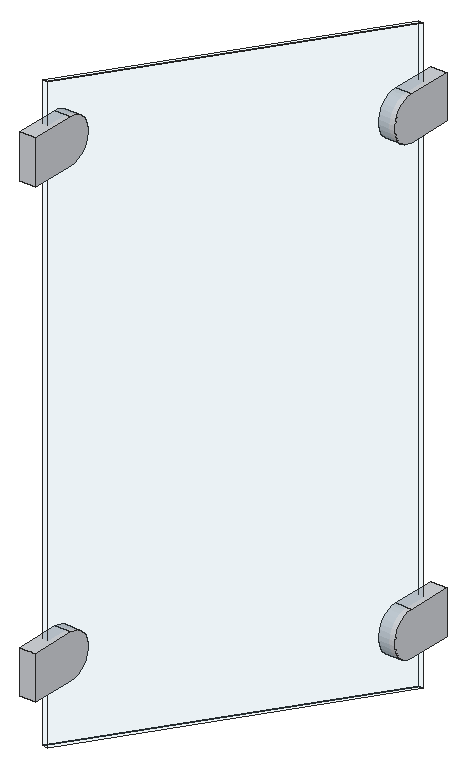
Revit family "欄杆嵌板 - 含托架玻璃", category 欄杆, Revit 2014
Parameters (values of type "600mm，有 25mm 間隙")
  built-in parameter 1008623 [instance] = (empty or 0)
  關鍵註記 = "05720"
  厚度 [instance] = 6 mm
  built-in parameter 1008625 [instance] = 18.00°
  支柱 = no
  嵌板材料 = 玻璃
  寬度 [instance] = 600 mm
  嵌板間隙 = 25 mm
  托架偏移 = 100 mm
  托架材料 = none
  built-in parameter 1008624 [instance] = (empty or 0)
  built-in parameter 1008622 [instance] = 750 mm
Reference planes
  plane 1 "中心 (前/後)": y = 0
  plane 2: z = 0
  plane 3 "中心 (左/右)": x = 3.175
  plane 4 "頂部": z = 750
  plane 5 "傾斜角度 (頂部)": through (0, 220.419, 678.381) normal (0, -0.309, -0.9511)
  plane 6 "傾斜角度 (底部)": through (0, 0, 0) normal (0, -0.309, -0.9511)
  plane 7 "前": y = 300
  plane 8 "背面": y = -300
  plane 9: x = 0.175
  plane 10: x = 6.175
  plane 11: x = -6.175
  plane 12: x = 12.525
Forms (mm)
  Extrusion 1, solid, material "玻璃" <- "嵌板材料"
    sketch origin (3.175, 0, 0) x (0, 1, 0) y (0, 0, 1)
      loop
        line (275, -63.066) -> (275, 634.361) -> (-275, 813.066) -> (-275, 115.639) -> (275, -63.066)
    from -3 to 3
  Extrusion 2, solid, material <- "托架材料"
    sketch origin (3.175, 0, 0) x (0, 1, 0) y (0, 0, 1)
      loop
        line (300, 33.07) -> (249.2, 33.07)
        arc (249.2, 33.07) -> (223.8, 7.67) -> (249.2, -17.73) r 25.4
        line (249.2, -17.73) -> (300, -17.73) -> (300, 33.07)
    from -9.35 to 9.35
  Extrusion 3, solid, material <- "托架材料"
    sketch origin (3.175, 0, 0) x (0, 1, 0) y (0, 0, 1)
      loop
        line (-300, 228.022) -> (-300, 177.222) -> (-249.2, 177.222)
        arc (-249.2, 177.222) -> (-223.8, 202.622) -> (-249.2, 228.022) r 25.4
        line (-249.2, 228.022) -> (-300, 228.022)
    from -9.35 to 9.35
  Extrusion 4, solid, material <- "托架材料"
    sketch origin (3.175, 0, 0) x (0, 1, 0) y (0, 0, 1)
      loop
        line (300, 572.778) -> (249.2, 572.778)
        arc (249.2, 572.778) -> (223.8, 547.378) -> (249.2, 521.978) r 25.4
        line (249.2, 521.978) -> (300, 521.978) -> (300, 572.778)
    from -9.35 to 9.35
  Extrusion 5, solid, material <- "托架材料"
    sketch origin (3.175, 0, 0) x (0, 1, 0) y (0, 0, 1)
      loop
        line (-300, 767.73) -> (-300, 716.93) -> (-249.2, 716.93)
        arc (-249.2, 716.93) -> (-223.8, 742.33) -> (-249.2, 767.73) r 25.4
        line (-249.2, 767.73) -> (-300, 767.73)
    from -9.35 to 9.35
Lines and regions (mm)
  model lines, style "InvisibleLines"
    curve 1: line (3.175, 300, 626.238) -> (3.175, -300, 821.189)
    curve 2: line (3.175, 300, -71.189) -> (3.175, -300, 123.762)
    curve 3: line (3.175, 275, -89.353) -> (3.175, 275, 660.647)
    curve 4: line (3.175, -275, 89.353) -> (3.175, -275, 839.353)
  symbolic lines, style "InvisibleLines"
    curve 5: line (0, 300, 7.67) -> (0, -300, 202.622)
    curve 6: line (0, 300, 547.378) -> (0, -300, 742.33)
Text (mm)
  text "欄杆嵌板立面" at (0, 1279.138, 1234.25), in view "左"
Dimensions and locks
  "built-in parameter 1008622": plane 2 to plane 4 "頂部"
  "寬度": plane 8 "背面" to plane 7 "前"
  equal spacing: plane 8 "背面", plane 1 "中心 (前/後)", plane 7 "前"
  "厚度": plane 9 to plane 10
  equal spacing: plane 9, plane 3 "中心 (左/右)", plane 10
  "嵌板間隙": curve 1 to plane 5 "傾斜角度 (頂部)"  (x2)
  "嵌板間隙": plane 6 "傾斜角度 (底部)" to curve 2  (x2)
  "嵌板間隙": plane 7 "前" to curve 3  (x2)
  "嵌板間隙": curve 4 to plane 8 "背面"  (x2)
  "托架偏移": plane 6 "傾斜角度 (底部)" to curve 5  (x2)
  locked: curve 5 to Extrusion 2 sketch curve at 25.4
  locked: Extrusion 2 sketch curve to curve 5 at 25.4
  locked: plane 11 to plane 9 at 6.35
  locked: plane 10 to plane 12 at 6.35
  locked: Extrusion 3 sketch curve to curve 5 at 25.4
  locked: curve 5 to Extrusion 3 sketch curve at 25.4
  "托架偏移": curve 6 to plane 5 "傾斜角度 (頂部)"  (x2)
  locked: curve 6 to Extrusion 4 sketch curve at 25.4
  locked: Extrusion 4 sketch curve to curve 6 at 25.4
  locked: Extrusion 5 sketch curve to curve 6 at 25.4
  locked: curve 6 to Extrusion 5 sketch curve at 25.4
  "built-in parameter 1008625": angle plane 4 "頂部" to plane 5 "傾斜角度 (頂部)"
  "built-in parameter 1008625": angle level to plane 6 "傾斜角度 (底部)"
  aligned and locked: plane 9 to Extrusion 1
  aligned and locked: Extrusion 1 to plane 10
  aligned and locked: plane 8 "背面" to curve 2
  aligned and locked: plane 7 "前" to curve 2
  aligned and locked: plane 5 "傾斜角度 (頂部)" to curve 4
  aligned and locked: plane 6 "傾斜角度 (底部)" to curve 4
  aligned and locked: plane 5 "傾斜角度 (頂部)" to curve 3
  aligned and locked: plane 6 "傾斜角度 (底部)" to curve 3
  aligned and locked: curve 1 to Extrusion 1 sketch curve
  aligned and locked: Extrusion 1 sketch curve to curve 2
  aligned and locked: Extrusion 1 sketch curve to curve 4
  aligned and locked: curve 3 to Extrusion 1 sketch curve
  aligned and locked: plane 8 "背面" to curve 5
  aligned and locked: plane 7 "前" to Extrusion 2 sketch curve
  aligned and locked: plane 11 to Extrusion 2
  aligned and locked: Extrusion 2 to plane 12
  aligned and locked: Extrusion 3 to plane 12
  aligned and locked: plane 11 to Extrusion 3
  aligned and locked: plane 8 "背面" to curve 6
  aligned and locked: plane 7 "前" to curve 6
  aligned and locked: Extrusion 4 sketch curve to plane 7 "前"
  aligned and locked: plane 11 to Extrusion 5
  aligned and locked: Extrusion 5 to plane 12
  aligned and locked: plane 11 to Extrusion 4
  aligned and locked: Extrusion 4 to plane 12
Automatic sketch dimensions
  plane 7 "前" to Extrusion 2 sketch curve = 50.8 mm
  Extrusion 3 sketch curve to plane 8 "背面" = 0 mm
  Extrusion 3 sketch curve to Extrusion 3 sketch curve = 50.8 mm
  curve 5 to plane 7 "前" = 0 mm
  curve 1 to plane 7 "前" = 0 mm
  curve 1 to plane 8 "背面" = 0 mm
  plane 7 "前" to Extrusion 4 sketch curve = 50.8 mm
  Extrusion 5 sketch curve to plane 8 "背面" = 0 mm
  Extrusion 5 sketch curve to Extrusion 5 sketch curve = 50.8 mm
